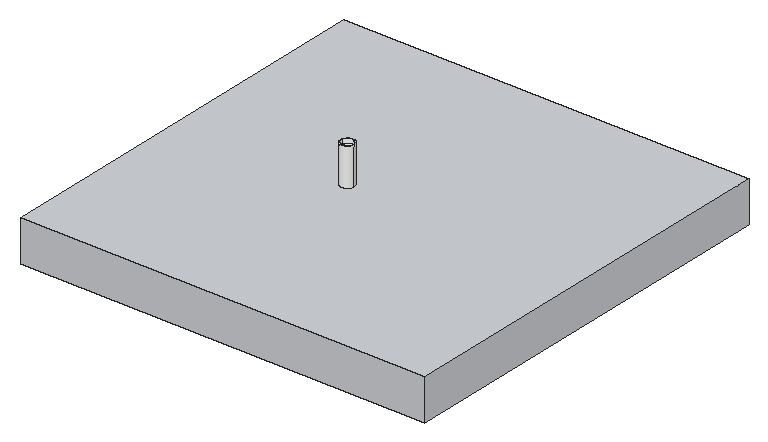
Revit family "Zumtobel PANOS INF SC R100", category Lighting Fixtures, host Face, Revit 2016
Family settings
  Host = Face
  Part Type = Normal
  Round Connector Dimension = Use Diameter
  OmniClass Number = 23.80.70.11
  OmniClass Title = Luminaries for Internal Lighting
  Cut with Voids When Loaded = No
  Light Source = Yes
  Shared = No
  Room Calculation Point = No
Parameters (values of type "PANOS-INF SC R100")
  Width = 100 mm  # constant formula
  Wattage Comments = ""
  Wattage = 8.11219 W
  built-in parameter 1150110 = 1 (stored number, unit not read)
  Voltage = 230 V
  URL = "http://www.zumtobel.com/60818411"
  Type Comments = "© Zumtobel. We reserve the right to make technical changes without prior notice."  # constant formula
  built-in parameter 1114217 = 1 (stored number, unit not read)
  Tilt Angle = 180.00°
  built-in parameter 1150109 = 1 (stored number, unit not read)
  built-in parameter 1150134 = 12
  built-in parameter 1150113 = 1 (stored number, unit not read)
  Photometric Web File = "60818411_(STD_LEO).IES"
  built-in parameter 1150105 = 95.891 (stored number, unit not read)
  Lumens = 1205 lm
  built-in parameter 1150115 = 1 (stored number, unit not read)
  built-in parameter 1150137 = (empty or 0)
  built-in parameter 1150139 = (empty or 0)
  Length = 100 mm  # constant formula
  built-in parameter 1150112 = 1 (stored number, unit not read)
  built-in parameter 1150114 = 1 (stored number, unit not read)
  built-in parameter 1150132 = 2
  built-in parameter 1150102 = (empty or 0)
  built-in parameter 1150107 = 4000 (stored number, unit not read)
  built-in parameter 1150138 = (empty or 0)
  built-in parameter 1150106 = 0.95891 (stored number, unit not read)
  Height = 276 mm  # constant formula
  built-in parameter 1150104 = 13.8 (stored number, unit not read)
  Dimming Lamp Color Temperature Shift = <None>
  Model = "60818411"
  Manufacturer = "Zumtobel Lighting"  # constant formula
  Lamp = "LED"
  Description = "LED luminaire"  # constant formula
  Default Elevation = 0 mm
  Color Filter = 16777215
  Body = Zumtobel_Metal_White
  built-in parameter 1114218 = 1 (stored number, unit not read)
  built-in parameter 1150133 = 10 (stored number, unit not read)
  Assembly Code = "D5020200"
  Apparent Load = 22 VA
Reference planes
  plane 1 "Center (Front/Back)": y = 0
  plane 2 "Bottom": z = 0
  plane 3 "Center (Left/Right)": x = -735.5
  plane 4 "Top": z = 276
Forms (mm)
  Extrusion 1, solid
    sketch origin (123, 0, 0) x (1, 0, 0) y (0, 1, 0)
      loop
        line (-2085.5, 1500) -> (-2085.5, -1500) -> (914.5, -1500) -> (914.5, 1500) -> (-2085.5, 1500)
    from 0 to -304.8
  Revolve 2, solid, material "Zumtobel_Metal_White" <- "Body"
    sketch origin (0, 0, 0) x (1, 0, 0) y (0, 0, 1)
      loop
        line (-785.5, 276) -> (-785.5, 0) -> (-735.5, 0) -> (-735.5, 251) -> (-778.313, 251) -> (-780.5, 276) -> (-785.5, 276)
      axis (-735.5, 276) -> (-735.5, 0)
    angle from 0 to 360
Dimensions and locks
  locked: plane 4 "Top" to plane 2 "Bottom" at 276
  aligned and locked: plane 2 "Bottom" to Extrusion 1
  aligned and locked: level to Extrusion 1
  aligned and locked: imposter light to plane 3 "Center (Left/Right)"
  aligned and locked: imposter light to plane 1 "Center (Front/Back)"
  aligned and locked: imposter light to plane 4 "Top"
Connectors
  electrical at (-735.5, 0, 0), driven by "Apparent Load", driven by "Voltage"
    settings: index 1, voltage 230 V, apparent load 0 VA, apparent load phase1 22 VA, apparent load phase2 0 VA, apparent load phase3 0 VA, power factor 1, load classification "Lighting", number of poles 1, system type 31, power factor state 1, is connector primary yes, connector utility no, sub classification motor no, connector description "Power"
